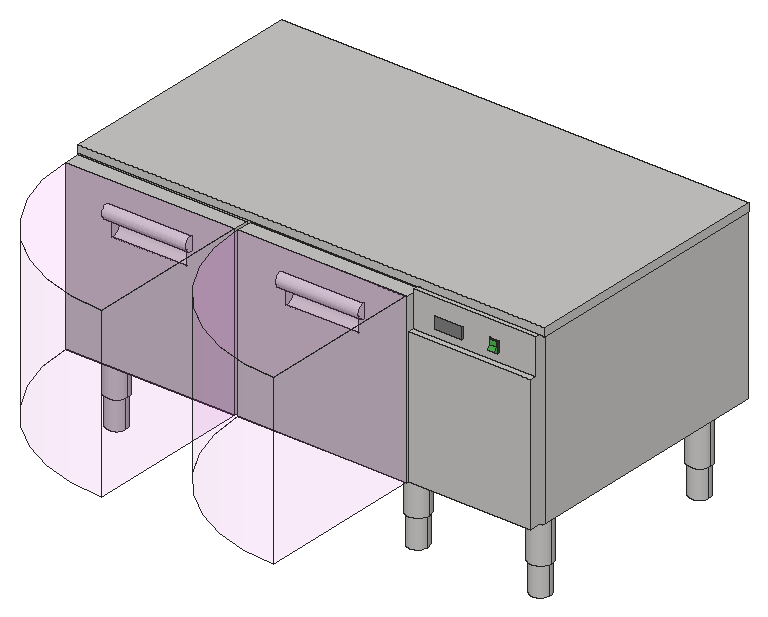
Revit family "QF_ZANUSSI_372291_Z7TTCECOMIN", category Specialty Equipment, Revit 2021
Family settings
  Round Connector Dimension = Use Diameter
  Part Type = Normal
  Work Plane-Based = No
  Always vertical = Yes
  Cut with Voids When Loaded = No
  Shared = No
  Room Calculation Point = No
Parameters (values of type "Standard")
  Weight = 95.00 kg
  Watts = 0 W
  Volts = 220 V
  URL Manufacturer = "http://www.zanussiprofessional.com"
  URL = "http://www.zanussiprofessional.com"
  Steam Supply Size = 0 mm
  Steam Supply Minimum Pressure = 0.0 Pa
  Steam Supply Maximum Pressure = 0.0 Pa
  Steam Pounds per Hour = 0
  Show Clearance [instance] = yes
  Refrigeration Suction Line Size = 0 mm
  Refrigeration Liquid Line Size = 0 mm
  Refrigerant Compressor Remote = yes
  Manufacturer = "Zanussi"
  Phase = 1
  Model = "Z7TTCECOMIN"
  Length Actual = 1200 mm
  Item Number = "372291"
  Hot Water Size = 0 mm
  Height Actual = 600 mm
  HP = "0.5 HP"
  Gas Size = 0 mm
  Gas KW = 0
  Gas Input Pressure = 0 W
  Direct Waste Size = 0 mm
  Description = "REFRIGERATED BASE WITH 2 DOORS 1200MM - R290"
  Depth Actual = 700 mm
  Default Elevation = 0 mm
  Cycle = 50 Hz
  Condensate Return Size = 0 mm
  Compressed Air Volume = 0.0 L/s
  Compressed Air Size = 0 mm
  Compressed Air Pressure = 0.0 Pa
  Cold Water Size = 0 mm
  Accessory = no
Reference planes
  plane 1 "Center X": y = -65.55
  plane 2: z = 0
  plane 3 "Centro (Sinistra/Destra)": x = 0
  plane 4: y = -315.05
  plane 5: y = 194.95
  plane 6 "BACK": y = 282.95
  plane 7 "FRONT": y = -414.05
  plane 8: y = -881.83
  plane 9: x = -544
  plane 10: x = 544
  plane 11: y = -369.551
  plane 12: x = 230
  plane 13: z = 200
  plane 14 "TOP": z = 630
  plane 15 "LEFT": x = -600
  plane 16 "RIGHT": x = 600
Forms (mm)
  Extrusion 1, solid, material "QF_Finishes_Stainless Steel"
    sketch origin (-1022.223, -1524, 200) x (-1, 0, 0) y (0, -1, 0)
      loop
        line (-423.223, -1806.95) -> (-423.223, -1154.449) -> (-1621.223, -1154.449) -> (-1621.223, -1806.95) -> (-423.223, -1806.95)
    from 0 to 430
  Extrusion 2, solid, material "QF_Finishes_Stainless Steel"
    sketch origin (599, 0, 0) x (0, 1, 0) y (0, 0, 1)
      loop
        line (-369.551, 629.527) -> (-386.314, 640.994) -> (-397.65, 640.994) -> (-397.65, 549.796) -> (-414.05, 549.796) -> (-414.05, 204.796) -> (-384.714, 204.796) -> (-374.993, 200) -> (-369.551, 200) -> (-369.551, 629.527)
    from 0 to -313
  Extrusion 3, solid, material "QF_Finishes_Black"
    sketch origin (567.8, -397.65, 630.994) x (0, 0, -1) y (1, 0, 0)
      loop
        line (32.198, -86.899) -> (61.199, -86.899) -> (61.199, -64.9) -> (32.198, -64.9) -> (32.198, -86.899)
    from 0 to 1.6
  Extrusion 4, solid, material "QF_Finishes_Grey"
    sketch origin (589, -397.65, 630.994) x (0, 0, -1) y (1, 0, 0)
      loop
        line (32.198, -248.099) -> (61.199, -248.099) -> (61.199, -178.099) -> (32.198, -178.099) -> (32.198, -248.099)
    from 0 to 1.6
  Extrusion 5, solid, material "QF_Finishes_Green"
    sketch origin (502.9, -397.65, 598.796) x (0, 0, -1) y (0, 1, 0)
      loop
        line (2.279, -3.281) -> (14.5, -3.281) -> (25.308, -8.985)
        arc (25.308, -8.985) -> (26.537, -5.394) -> (26.605, -1.6) r 12.221
        line (26.605, -1.6) -> (2.395, -1.6)
        arc (2.395, -1.6) -> (2.308, -2.439) -> (2.279, -3.281) r 12.221
    from -20 to -2
  Extrusion 6, solid, material "QF_Finishes_Stainless Steel"
    sketch origin (-1022.223, -1524, 200) x (-1, 0, 0) y (0, -1, 0)
      loop
        circle (-1581.223, -1646.95) r 12
    from -10 to 0
  Extrusion 7, solid, material "QF_Finishes_Stainless Steel"
    sketch origin (-599, 0, -5) x (0, 1, 0) y (0, 0, 1)
      loop
        line (-369.551, 635) -> (282.95, 635) -> (282.95, 655) -> (-369.551, 655) -> (-369.551, 635)
    from 1198 to 0
  Extrusion 8, solid, material "QF_Finishes_Handrails and Railings"
    sketch origin (-394.028, -157.946, 1924.198) x (0, 0.885087, 0.465426) y (0, -0.465426, 0.885087)
      loop
        arc (-854.629, -1074.965) -> (-878.641, -1082.427) -> (-871.18, -1106.439) r 17.78
        line (-871.18, -1106.439) -> (-854.629, -1074.965)
    from -93.472 to 121.528
  Extrusion 9, solid, material "QF_Finishes_Stainless Steel"
    sketch origin (-594.053, 285.95, 14.715) x (0, 1, 0) y (0, 0, 1)
      loop
        line (-700, 486.991) -> (-660.001, 486.991) -> (-660.001, 530.285) -> (-678.147, 530.285) -> (-678.147, 511.464)
        arc (-678.147, 511.464) -> (-684.405, 495.059) -> (-700, 486.991) r 24.63
    from 118.753 to 309.354
  Extrusion 10, solid, material "QF_Finishes_Handrails and Railings"
    sketch origin (47.972, -157.946, 1924.198) x (0, 0.885087, 0.465426) y (0, -0.465426, 0.885087)
      loop
        arc (-854.629, -1074.965) -> (-878.641, -1082.427) -> (-871.18, -1106.439) r 17.78
        line (-871.18, -1106.439) -> (-854.629, -1074.965)
    from -89.472 to 121.528
  Extrusion 11, solid, material "QF_Finishes_Stainless Steel"
    sketch origin (-152.053, 285.95, 14.715) x (0, 1, 0) y (0, 0, 1)
      loop
        line (-700, 486.991) -> (-660.001, 486.991) -> (-660.001, 530.285) -> (-678.147, 530.285) -> (-678.147, 511.464)
        arc (-678.147, 511.464) -> (-684.405, 495.059) -> (-700, 486.991) r 24.63
    from 122.753 to 309.354
  Extrusion 12, solid, material "QF_Door-Drawer Clearances", visible <- "Show Clearance"
    sketch origin (-953, 437.3, 650) x (0, -1, 0) y (1, 0, 0)
      loop
        line (851.35, 1234) -> (851.35, 800)
        arc (851.35, 800) -> (1154.832, 928.644) -> (1278.963, 1234) r 431.526
        line (1278.963, 1234) -> (851.35, 1234)
      loop
        line (851.35, 792) -> (851.35, 358)
        arc (851.35, 358) -> (1154.832, 486.644) -> (1278.963, 792) r 431.526
        line (1278.963, 792) -> (851.35, 792)
    from -450 to -20
  Extrusion 13, solid, material "QF_Finishes_Stainless Steel"
    sketch origin (0, -414.05, 0) x (-1, 0, 0) y (0, 0, 1)
      loop
        line (595, 629.2) -> (160.999, 629.2) -> (160.999, 201.587) -> (595, 201.587) -> (595, 629.2)
      loop
        line (153, 629.2) -> (-281, 629.2) -> (-281, 201.587) -> (153, 201.587) -> (153, 629.2)
      loop
        line (475.3, 501.706) -> (475.3, 545) -> (284.699, 545) -> (284.699, 501.706) -> (475.3, 501.706)
      loop
        line (29.3, 501.706) -> (29.3, 545) -> (-157.301, 545) -> (-157.301, 501.706) -> (29.3, 501.706)
    from 0 to 40
  Extrusion 14, solid, material "QF_Finishes_Stainless Steel"
    sketch origin (-1232.223, -1524, 200) x (-1, 0, 0) y (0, -1, 0)
      loop
        circle (-1075.223, -1586.95) r 12
    from -10 to 0
Lines and regions (mm)
  Split face 1
    outline origin (589, -399.25, 630.994) x (0, 0, -1) y (1, 0, 0)
      loop
        line (37.198, -238.099) -> (52.198, -238.099) -> (52.198, -188.099) -> (37.198, -188.099) -> (37.198, -238.099)
  Split face 2
    outline origin (589, -399.25, 630.994) x (0, 0, -1) y (1, 0, 0)
      loop
        line (59.151, -238.099) -> (59.151, -227.099) -> (54.151, -227.099) -> (54.151, -238.099) -> (59.151, -238.099)
  Split face 3
    outline origin (589, -399.25, 630.994) x (0, 0, -1) y (1, 0, 0)
      loop
        line (54.151, -225.099) -> (59.151, -225.099) -> (59.151, -214.099) -> (54.151, -214.099) -> (54.151, -225.099)
  Split face 4
    outline origin (602, -399.25, 630.994) x (0, 0, -1) y (1, 0, 0)
      loop
        line (54.151, -225.099) -> (59.151, -225.099) -> (59.151, -214.099) -> (54.151, -214.099) -> (54.151, -225.099)
  Split face 5
    outline origin (615, -399.25, 630.994) x (0, 0, -1) y (1, 0, 0)
      loop
        line (54.151, -225.099) -> (59.151, -225.099) -> (59.151, -214.099) -> (54.151, -214.099) -> (54.151, -225.099)
  Split face 6
    outline origin (296, -414.05, 713.499) x (1, 0, 0) y (0, 0, 1)
      loop
        arc (52.48, -282.599) -> (56.5, -278.61) -> (52.5, -274.599) r 4
        line (52.5, -274.599) -> (20.5, -274.599)
        arc (20.5, -274.599) -> (16.5, -278.61) -> (20.521, -282.599) r 4
        line (20.521, -282.599) -> (52.48, -282.599)
  Split face 7
    outline origin (296, -414.05, 725.499) x (1, 0, 0) y (0, 0, 1)
      loop
        arc (52.48, -282.599) -> (56.5, -278.61) -> (52.5, -274.599) r 4
        line (52.5, -274.599) -> (20.5, -274.599)
        arc (20.5, -274.599) -> (16.5, -278.61) -> (20.521, -282.599) r 4
        line (20.521, -282.599) -> (52.48, -282.599)
  Split face 8
    outline origin (296, -414.05, 737.499) x (1, 0, 0) y (0, 0, 1)
      loop
        arc (52.48, -282.599) -> (56.5, -278.61) -> (52.5, -274.599) r 4
        line (52.5, -274.599) -> (20.5, -274.599)
        arc (20.5, -274.599) -> (16.5, -278.61) -> (20.521, -282.599) r 4
        line (20.521, -282.599) -> (52.48, -282.599)
  Split face 9
    outline origin (296, -414.05, 749.396) x (1, 0, 0) y (0, 0, 1)
      loop
        arc (52.48, -282.599) -> (56.5, -278.61) -> (52.5, -274.599) r 4
        line (52.5, -274.599) -> (20.5, -274.599)
        arc (20.5, -274.599) -> (16.5, -278.61) -> (20.521, -282.599) r 4
        line (20.521, -282.599) -> (52.48, -282.599)
  Split face 10
    outline origin (296, -414.05, 761.395) x (1, 0, 0) y (0, 0, 1)
      loop
        arc (52.48, -282.599) -> (56.5, -278.61) -> (52.5, -274.599) r 4
        line (52.5, -274.599) -> (20.5, -274.599)
        arc (20.5, -274.599) -> (16.5, -278.61) -> (20.521, -282.599) r 4
        line (20.521, -282.599) -> (52.48, -282.599)
  Split face 11
    outline origin (296, -414.05, 773.395) x (1, 0, 0) y (0, 0, 1)
      loop
        arc (52.48, -282.599) -> (56.5, -278.61) -> (52.5, -274.599) r 4
        line (52.5, -274.599) -> (20.5, -274.599)
        arc (20.5, -274.599) -> (16.5, -278.61) -> (20.521, -282.599) r 4
        line (20.521, -282.599) -> (52.48, -282.599)
  Split face 12
    outline origin (296, -414.05, 785.395) x (1, 0, 0) y (0, 0, 1)
      loop
        arc (52.48, -282.599) -> (56.5, -278.61) -> (52.5, -274.599) r 4
        line (52.5, -274.599) -> (20.5, -274.599)
        arc (20.5, -274.599) -> (16.5, -278.61) -> (20.521, -282.599) r 4
        line (20.521, -282.599) -> (52.48, -282.599)
  Split face 13
    outline origin (296, -414.05, 797.395) x (1, 0, 0) y (0, 0, 1)
      loop
        arc (52.48, -282.599) -> (56.5, -278.61) -> (52.5, -274.599) r 4
        line (52.5, -274.599) -> (20.5, -274.599)
        arc (20.5, -274.599) -> (16.5, -278.61) -> (20.521, -282.599) r 4
        line (20.521, -282.599) -> (52.48, -282.599)
  Split face 14
    outline origin (296, -414.05, 809.395) x (1, 0, 0) y (0, 0, 1)
      loop
        arc (52.48, -282.599) -> (56.5, -278.61) -> (52.5, -274.599) r 4
        line (52.5, -274.599) -> (20.5, -274.599)
        arc (20.5, -274.599) -> (16.5, -278.61) -> (20.521, -282.599) r 4
        line (20.521, -282.599) -> (52.48, -282.599)
  Split face 15
    outline origin (296, -414.05, 701.499) x (1, 0, 0) y (0, 0, 1)
      loop
        arc (52.48, -282.599) -> (56.5, -278.61) -> (52.5, -274.599) r 4
        line (52.5, -274.599) -> (20.5, -274.599)
        arc (20.5, -274.599) -> (16.5, -278.61) -> (20.521, -282.599) r 4
        line (20.521, -282.599) -> (52.48, -282.599)
  Split face 16
    outline origin (296, -414.05, 605.603) x (1, 0, 0) y (0, 0, 1)
      loop
        arc (52.48, -282.599) -> (56.5, -278.61) -> (52.5, -274.599) r 4
        line (52.5, -274.599) -> (20.5, -274.599)
        arc (20.5, -274.599) -> (16.5, -278.61) -> (20.521, -282.599) r 4
        line (20.521, -282.599) -> (52.48, -282.599)
  Split face 17
    outline origin (296, -414.05, 617.603) x (1, 0, 0) y (0, 0, 1)
      loop
        arc (52.48, -282.599) -> (56.5, -278.61) -> (52.5, -274.599) r 4
        line (52.5, -274.599) -> (20.5, -274.599)
        arc (20.5, -274.599) -> (16.5, -278.61) -> (20.521, -282.599) r 4
        line (20.521, -282.599) -> (52.48, -282.599)
  Split face 18
    outline origin (296, -414.05, 629.602) x (1, 0, 0) y (0, 0, 1)
      loop
        arc (52.48, -282.599) -> (56.5, -278.61) -> (52.5, -274.599) r 4
        line (52.5, -274.599) -> (20.5, -274.599)
        arc (20.5, -274.599) -> (16.5, -278.61) -> (20.521, -282.599) r 4
        line (20.521, -282.599) -> (52.48, -282.599)
  Split face 19
    outline origin (296, -414.05, 677.499) x (1, 0, 0) y (0, 0, 1)
      loop
        arc (52.48, -282.599) -> (56.5, -278.61) -> (52.5, -274.599) r 4
        line (52.5, -274.599) -> (20.5, -274.599)
        arc (20.5, -274.599) -> (16.5, -278.61) -> (20.521, -282.599) r 4
        line (20.521, -282.599) -> (52.48, -282.599)
  Split face 20
    outline origin (296, -414.05, 689.499) x (1, 0, 0) y (0, 0, 1)
      loop
        arc (52.48, -282.599) -> (56.5, -278.61) -> (52.5, -274.599) r 4
        line (52.5, -274.599) -> (20.5, -274.599)
        arc (20.5, -274.599) -> (16.5, -278.61) -> (20.521, -282.599) r 4
        line (20.521, -282.599) -> (52.48, -282.599)
  Split face 21
    outline origin (296, -414.05, 593.603) x (1, 0, 0) y (0, 0, 1)
      loop
        arc (52.48, -282.599) -> (56.5, -278.61) -> (52.5, -274.599) r 4
        line (52.5, -274.599) -> (20.5, -274.599)
        arc (20.5, -274.599) -> (16.5, -278.61) -> (20.521, -282.599) r 4
        line (20.521, -282.599) -> (52.48, -282.599)
  Split face 22
    outline origin (296, -414.05, 497.707) x (1, 0, 0) y (0, 0, 1)
      loop
        arc (52.48, -282.599) -> (56.5, -278.61) -> (52.5, -274.599) r 4
        line (52.5, -274.599) -> (20.5, -274.599)
        arc (20.5, -274.599) -> (16.5, -278.61) -> (20.521, -282.599) r 4
        line (20.521, -282.599) -> (52.48, -282.599)
  Split face 23
    outline origin (296, -414.05, 509.707) x (1, 0, 0) y (0, 0, 1)
      loop
        arc (52.48, -282.599) -> (56.5, -278.61) -> (52.5, -274.599) r 4
        line (52.5, -274.599) -> (20.5, -274.599)
        arc (20.5, -274.599) -> (16.5, -278.61) -> (20.521, -282.599) r 4
        line (20.521, -282.599) -> (52.48, -282.599)
  Split face 24
    outline origin (296, -414.05, 521.706) x (1, 0, 0) y (0, 0, 1)
      loop
        arc (52.48, -282.599) -> (56.5, -278.61) -> (52.5, -274.599) r 4
        line (52.5, -274.599) -> (20.5, -274.599)
        arc (20.5, -274.599) -> (16.5, -278.61) -> (20.521, -282.599) r 4
        line (20.521, -282.599) -> (52.48, -282.599)
  Split face 25
    outline origin (296, -414.05, 533.604) x (1, 0, 0) y (0, 0, 1)
      loop
        arc (52.48, -282.599) -> (56.5, -278.61) -> (52.5, -274.599) r 4
        line (52.5, -274.599) -> (20.5, -274.599)
        arc (20.5, -274.599) -> (16.5, -278.61) -> (20.521, -282.599) r 4
        line (20.521, -282.599) -> (52.48, -282.599)
  Split face 26
    outline origin (296, -414.05, 545.603) x (1, 0, 0) y (0, 0, 1)
      loop
        arc (52.48, -282.599) -> (56.5, -278.61) -> (52.5, -274.599) r 4
        line (52.5, -274.599) -> (20.5, -274.599)
        arc (20.5, -274.599) -> (16.5, -278.61) -> (20.521, -282.599) r 4
        line (20.521, -282.599) -> (52.48, -282.599)
  Split face 27
    outline origin (296, -414.05, 557.603) x (1, 0, 0) y (0, 0, 1)
      loop
        arc (52.48, -282.599) -> (56.5, -278.61) -> (52.5, -274.599) r 4
        line (52.5, -274.599) -> (20.5, -274.599)
        arc (20.5, -274.599) -> (16.5, -278.61) -> (20.521, -282.599) r 4
        line (20.521, -282.599) -> (52.48, -282.599)
  Split face 28
    outline origin (296, -414.05, 569.603) x (1, 0, 0) y (0, 0, 1)
      loop
        arc (52.48, -282.599) -> (56.5, -278.61) -> (52.5, -274.599) r 4
        line (52.5, -274.599) -> (20.5, -274.599)
        arc (20.5, -274.599) -> (16.5, -278.61) -> (20.521, -282.599) r 4
        line (20.521, -282.599) -> (52.48, -282.599)
  Split face 29
    outline origin (296, -414.05, 581.603) x (1, 0, 0) y (0, 0, 1)
      loop
        arc (52.48, -282.599) -> (56.5, -278.61) -> (52.5, -274.599) r 4
        line (52.5, -274.599) -> (20.5, -274.599)
        arc (20.5, -274.599) -> (16.5, -278.61) -> (20.521, -282.599) r 4
        line (20.521, -282.599) -> (52.48, -282.599)
  Split face 30
    outline origin (351, -414.05, 713.499) x (1, 0, 0) y (0, 0, 1)
      loop
        arc (52.48, -282.599) -> (56.5, -278.61) -> (52.5, -274.599) r 4
        line (52.5, -274.599) -> (20.5, -274.599)
        arc (20.5, -274.599) -> (16.5, -278.61) -> (20.521, -282.599) r 4
        line (20.521, -282.599) -> (52.48, -282.599)
  Split face 31
    outline origin (351, -414.05, 725.499) x (1, 0, 0) y (0, 0, 1)
      loop
        arc (52.48, -282.599) -> (56.5, -278.61) -> (52.5, -274.599) r 4
        line (52.5, -274.599) -> (20.5, -274.599)
        arc (20.5, -274.599) -> (16.5, -278.61) -> (20.521, -282.599) r 4
        line (20.521, -282.599) -> (52.48, -282.599)
  Split face 32
    outline origin (351, -414.05, 737.499) x (1, 0, 0) y (0, 0, 1)
      loop
        arc (52.48, -282.599) -> (56.5, -278.61) -> (52.5, -274.599) r 4
        line (52.5, -274.599) -> (20.5, -274.599)
        arc (20.5, -274.599) -> (16.5, -278.61) -> (20.521, -282.599) r 4
        line (20.521, -282.599) -> (52.48, -282.599)
  Split face 33
    outline origin (351, -414.05, 749.396) x (1, 0, 0) y (0, 0, 1)
      loop
        arc (52.48, -282.599) -> (56.5, -278.61) -> (52.5, -274.599) r 4
        line (52.5, -274.599) -> (20.5, -274.599)
        arc (20.5, -274.599) -> (16.5, -278.61) -> (20.521, -282.599) r 4
        line (20.521, -282.599) -> (52.48, -282.599)
  Split face 34
    outline origin (351, -414.05, 761.395) x (1, 0, 0) y (0, 0, 1)
      loop
        arc (52.48, -282.599) -> (56.5, -278.61) -> (52.5, -274.599) r 4
        line (52.5, -274.599) -> (20.5, -274.599)
        arc (20.5, -274.599) -> (16.5, -278.61) -> (20.521, -282.599) r 4
        line (20.521, -282.599) -> (52.48, -282.599)
  Split face 35
    outline origin (351, -414.05, 773.395) x (1, 0, 0) y (0, 0, 1)
      loop
        arc (52.48, -282.599) -> (56.5, -278.61) -> (52.5, -274.599) r 4
        line (52.5, -274.599) -> (20.5, -274.599)
        arc (20.5, -274.599) -> (16.5, -278.61) -> (20.521, -282.599) r 4
        line (20.521, -282.599) -> (52.48, -282.599)
  Split face 36
    outline origin (351, -414.05, 785.395) x (1, 0, 0) y (0, 0, 1)
      loop
        arc (52.48, -282.599) -> (56.5, -278.61) -> (52.5, -274.599) r 4
        line (52.5, -274.599) -> (20.5, -274.599)
        arc (20.5, -274.599) -> (16.5, -278.61) -> (20.521, -282.599) r 4
        line (20.521, -282.599) -> (52.48, -282.599)
  Split face 37
    outline origin (351, -414.05, 797.395) x (1, 0, 0) y (0, 0, 1)
      loop
        arc (52.48, -282.599) -> (56.5, -278.61) -> (52.5, -274.599) r 4
        line (52.5, -274.599) -> (20.5, -274.599)
        arc (20.5, -274.599) -> (16.5, -278.61) -> (20.521, -282.599) r 4
        line (20.521, -282.599) -> (52.48, -282.599)
  Split face 38
    outline origin (351, -414.05, 809.395) x (1, 0, 0) y (0, 0, 1)
      loop
        arc (52.48, -282.599) -> (56.5, -278.61) -> (52.5, -274.599) r 4
        line (52.5, -274.599) -> (20.5, -274.599)
        arc (20.5, -274.599) -> (16.5, -278.61) -> (20.521, -282.599) r 4
        line (20.521, -282.599) -> (52.48, -282.599)
  Split face 39
    outline origin (351, -414.05, 701.499) x (1, 0, 0) y (0, 0, 1)
      loop
        arc (52.48, -282.599) -> (56.5, -278.61) -> (52.5, -274.599) r 4
        line (52.5, -274.599) -> (20.5, -274.599)
        arc (20.5, -274.599) -> (16.5, -278.61) -> (20.521, -282.599) r 4
        line (20.521, -282.599) -> (52.48, -282.599)
  Split face 40
    outline origin (351, -414.05, 605.603) x (1, 0, 0) y (0, 0, 1)
      loop
        arc (52.48, -282.599) -> (56.5, -278.61) -> (52.5, -274.599) r 4
        line (52.5, -274.599) -> (20.5, -274.599)
        arc (20.5, -274.599) -> (16.5, -278.61) -> (20.521, -282.599) r 4
        line (20.521, -282.599) -> (52.48, -282.599)
  Split face 41
    outline origin (351, -414.05, 617.603) x (1, 0, 0) y (0, 0, 1)
      loop
        arc (52.48, -282.599) -> (56.5, -278.61) -> (52.5, -274.599) r 4
        line (52.5, -274.599) -> (20.5, -274.599)
        arc (20.5, -274.599) -> (16.5, -278.61) -> (20.521, -282.599) r 4
        line (20.521, -282.599) -> (52.48, -282.599)
  Split face 42
    outline origin (351, -414.05, 629.602) x (1, 0, 0) y (0, 0, 1)
      loop
        arc (52.48, -282.599) -> (56.5, -278.61) -> (52.5, -274.599) r 4
        line (52.5, -274.599) -> (20.5, -274.599)
        arc (20.5, -274.599) -> (16.5, -278.61) -> (20.521, -282.599) r 4
        line (20.521, -282.599) -> (52.48, -282.599)
  Split face 43
    outline origin (351, -414.05, 677.499) x (1, 0, 0) y (0, 0, 1)
      loop
        arc (52.48, -282.599) -> (56.5, -278.61) -> (52.5, -274.599) r 4
        line (52.5, -274.599) -> (20.5, -274.599)
        arc (20.5, -274.599) -> (16.5, -278.61) -> (20.521, -282.599) r 4
        line (20.521, -282.599) -> (52.48, -282.599)
  Split face 44
    outline origin (351, -414.05, 689.499) x (1, 0, 0) y (0, 0, 1)
      loop
        arc (52.48, -282.599) -> (56.5, -278.61) -> (52.5, -274.599) r 4
        line (52.5, -274.599) -> (20.5, -274.599)
        arc (20.5, -274.599) -> (16.5, -278.61) -> (20.521, -282.599) r 4
        line (20.521, -282.599) -> (52.48, -282.599)
  Split face 45
    outline origin (351, -414.05, 593.603) x (1, 0, 0) y (0, 0, 1)
      loop
        arc (52.48, -282.599) -> (56.5, -278.61) -> (52.5, -274.599) r 4
        line (52.5, -274.599) -> (20.5, -274.599)
        arc (20.5, -274.599) -> (16.5, -278.61) -> (20.521, -282.599) r 4
        line (20.521, -282.599) -> (52.48, -282.599)
  Split face 46
    outline origin (351, -414.05, 497.707) x (1, 0, 0) y (0, 0, 1)
      loop
        arc (52.48, -282.599) -> (56.5, -278.61) -> (52.5, -274.599) r 4
        line (52.5, -274.599) -> (20.5, -274.599)
        arc (20.5, -274.599) -> (16.5, -278.61) -> (20.521, -282.599) r 4
        line (20.521, -282.599) -> (52.48, -282.599)
  Split face 47
    outline origin (351, -414.05, 509.707) x (1, 0, 0) y (0, 0, 1)
      loop
        arc (52.48, -282.599) -> (56.5, -278.61) -> (52.5, -274.599) r 4
        line (52.5, -274.599) -> (20.5, -274.599)
        arc (20.5, -274.599) -> (16.5, -278.61) -> (20.521, -282.599) r 4
        line (20.521, -282.599) -> (52.48, -282.599)
  Split face 48
    outline origin (351, -414.05, 521.706) x (1, 0, 0) y (0, 0, 1)
      loop
        arc (52.48, -282.599) -> (56.5, -278.61) -> (52.5, -274.599) r 4
        line (52.5, -274.599) -> (20.5, -274.599)
        arc (20.5, -274.599) -> (16.5, -278.61) -> (20.521, -282.599) r 4
        line (20.521, -282.599) -> (52.48, -282.599)
  Split face 49
    outline origin (351, -414.05, 533.604) x (1, 0, 0) y (0, 0, 1)
      loop
        arc (52.48, -282.599) -> (56.5, -278.61) -> (52.5, -274.599) r 4
        line (52.5, -274.599) -> (20.5, -274.599)
        arc (20.5, -274.599) -> (16.5, -278.61) -> (20.521, -282.599) r 4
        line (20.521, -282.599) -> (52.48, -282.599)
  Split face 50
    outline origin (351, -414.05, 545.603) x (1, 0, 0) y (0, 0, 1)
      loop
        arc (52.48, -282.599) -> (56.5, -278.61) -> (52.5, -274.599) r 4
        line (52.5, -274.599) -> (20.5, -274.599)
        arc (20.5, -274.599) -> (16.5, -278.61) -> (20.521, -282.599) r 4
        line (20.521, -282.599) -> (52.48, -282.599)
  Split face 51
    outline origin (351, -414.05, 557.603) x (1, 0, 0) y (0, 0, 1)
      loop
        arc (52.48, -282.599) -> (56.5, -278.61) -> (52.5, -274.599) r 4
        line (52.5, -274.599) -> (20.5, -274.599)
        arc (20.5, -274.599) -> (16.5, -278.61) -> (20.521, -282.599) r 4
        line (20.521, -282.599) -> (52.48, -282.599)
  Split face 52
    outline origin (351, -414.05, 569.603) x (1, 0, 0) y (0, 0, 1)
      loop
        arc (52.48, -282.599) -> (56.5, -278.61) -> (52.5, -274.599) r 4
        line (52.5, -274.599) -> (20.5, -274.599)
        arc (20.5, -274.599) -> (16.5, -278.61) -> (20.521, -282.599) r 4
        line (20.521, -282.599) -> (52.48, -282.599)
  Split face 53
    outline origin (351, -414.05, 581.603) x (1, 0, 0) y (0, 0, 1)
      loop
        arc (52.48, -282.599) -> (56.5, -278.61) -> (52.5, -274.599) r 4
        line (52.5, -274.599) -> (20.5, -274.599)
        arc (20.5, -274.599) -> (16.5, -278.61) -> (20.521, -282.599) r 4
        line (20.521, -282.599) -> (52.48, -282.599)
  Split face 54
    outline origin (406, -414.05, 713.499) x (1, 0, 0) y (0, 0, 1)
      loop
        arc (52.48, -282.599) -> (56.5, -278.61) -> (52.5, -274.599) r 4
        line (52.5, -274.599) -> (20.5, -274.599)
        arc (20.5, -274.599) -> (16.5, -278.61) -> (20.521, -282.599) r 4
        line (20.521, -282.599) -> (52.48, -282.599)
  Split face 55
    outline origin (406, -414.05, 725.499) x (1, 0, 0) y (0, 0, 1)
      loop
        arc (52.48, -282.599) -> (56.5, -278.61) -> (52.5, -274.599) r 4
        line (52.5, -274.599) -> (20.5, -274.599)
        arc (20.5, -274.599) -> (16.5, -278.61) -> (20.521, -282.599) r 4
        line (20.521, -282.599) -> (52.48, -282.599)
  Split face 56
    outline origin (406, -414.05, 737.499) x (1, 0, 0) y (0, 0, 1)
      loop
        arc (52.48, -282.599) -> (56.5, -278.61) -> (52.5, -274.599) r 4
        line (52.5, -274.599) -> (20.5, -274.599)
        arc (20.5, -274.599) -> (16.5, -278.61) -> (20.521, -282.599) r 4
        line (20.521, -282.599) -> (52.48, -282.599)
  Split face 57
    outline origin (406, -414.05, 749.396) x (1, 0, 0) y (0, 0, 1)
      loop
        arc (52.48, -282.599) -> (56.5, -278.61) -> (52.5, -274.599) r 4
        line (52.5, -274.599) -> (20.5, -274.599)
        arc (20.5, -274.599) -> (16.5, -278.61) -> (20.521, -282.599) r 4
        line (20.521, -282.599) -> (52.48, -282.599)
  Split face 58
    outline origin (406, -414.05, 761.395) x (1, 0, 0) y (0, 0, 1)
      loop
        arc (52.48, -282.599) -> (56.5, -278.61) -> (52.5, -274.599) r 4
        line (52.5, -274.599) -> (20.5, -274.599)
        arc (20.5, -274.599) -> (16.5, -278.61) -> (20.521, -282.599) r 4
        line (20.521, -282.599) -> (52.48, -282.599)
  Split face 59
    outline origin (406, -414.05, 773.395) x (1, 0, 0) y (0, 0, 1)
      loop
        arc (52.48, -282.599) -> (56.5, -278.61) -> (52.5, -274.599) r 4
        line (52.5, -274.599) -> (20.5, -274.599)
        arc (20.5, -274.599) -> (16.5, -278.61) -> (20.521, -282.599) r 4
        line (20.521, -282.599) -> (52.48, -282.599)
  Split face 60
    outline origin (406, -414.05, 785.395) x (1, 0, 0) y (0, 0, 1)
      loop
        arc (52.48, -282.599) -> (56.5, -278.61) -> (52.5, -274.599) r 4
        line (52.5, -274.599) -> (20.5, -274.599)
        arc (20.5, -274.599) -> (16.5, -278.61) -> (20.521, -282.599) r 4
        line (20.521, -282.599) -> (52.48, -282.599)
  Split face 61
    outline origin (406, -414.05, 797.395) x (1, 0, 0) y (0, 0, 1)
      loop
        arc (52.48, -282.599) -> (56.5, -278.61) -> (52.5, -274.599) r 4
        line (52.5, -274.599) -> (20.5, -274.599)
        arc (20.5, -274.599) -> (16.5, -278.61) -> (20.521, -282.599) r 4
        line (20.521, -282.599) -> (52.48, -282.599)
  Split face 62
    outline origin (406, -414.05, 809.395) x (1, 0, 0) y (0, 0, 1)
      loop
        arc (52.48, -282.599) -> (56.5, -278.61) -> (52.5, -274.599) r 4
        line (52.5, -274.599) -> (20.5, -274.599)
        arc (20.5, -274.599) -> (16.5, -278.61) -> (20.521, -282.599) r 4
        line (20.521, -282.599) -> (52.48, -282.599)
  Split face 63
    outline origin (406, -414.05, 701.499) x (1, 0, 0) y (0, 0, 1)
      loop
        arc (52.48, -282.599) -> (56.5, -278.61) -> (52.5, -274.599) r 4
        line (52.5, -274.599) -> (20.5, -274.599)
        arc (20.5, -274.599) -> (16.5, -278.61) -> (20.521, -282.599) r 4
        line (20.521, -282.599) -> (52.48, -282.599)
  Split face 64
    outline origin (406, -414.05, 605.603) x (1, 0, 0) y (0, 0, 1)
      loop
        arc (52.48, -282.599) -> (56.5, -278.61) -> (52.5, -274.599) r 4
        line (52.5, -274.599) -> (20.5, -274.599)
        arc (20.5, -274.599) -> (16.5, -278.61) -> (20.521, -282.599) r 4
        line (20.521, -282.599) -> (52.48, -282.599)
  Split face 65
    outline origin (406, -414.05, 617.603) x (1, 0, 0) y (0, 0, 1)
      loop
        arc (52.48, -282.599) -> (56.5, -278.61) -> (52.5, -274.599) r 4
        line (52.5, -274.599) -> (20.5, -274.599)
        arc (20.5, -274.599) -> (16.5, -278.61) -> (20.521, -282.599) r 4
        line (20.521, -282.599) -> (52.48, -282.599)
  Split face 66
    outline origin (406, -414.05, 629.602) x (1, 0, 0) y (0, 0, 1)
      loop
        arc (52.48, -282.599) -> (56.5, -278.61) -> (52.5, -274.599) r 4
        line (52.5, -274.599) -> (20.5, -274.599)
        arc (20.5, -274.599) -> (16.5, -278.61) -> (20.521, -282.599) r 4
        line (20.521, -282.599) -> (52.48, -282.599)
  Split face 67
    outline origin (406, -414.05, 677.499) x (1, 0, 0) y (0, 0, 1)
      loop
        arc (52.48, -282.599) -> (56.5, -278.61) -> (52.5, -274.599) r 4
        line (52.5, -274.599) -> (20.5, -274.599)
        arc (20.5, -274.599) -> (16.5, -278.61) -> (20.521, -282.599) r 4
        line (20.521, -282.599) -> (52.48, -282.599)
  Split face 68
    outline origin (406, -414.05, 689.499) x (1, 0, 0) y (0, 0, 1)
      loop
        arc (52.48, -282.599) -> (56.5, -278.61) -> (52.5, -274.599) r 4
        line (52.5, -274.599) -> (20.5, -274.599)
        arc (20.5, -274.599) -> (16.5, -278.61) -> (20.521, -282.599) r 4
        line (20.521, -282.599) -> (52.48, -282.599)
  Split face 69
    outline origin (406, -414.05, 593.603) x (1, 0, 0) y (0, 0, 1)
      loop
        arc (52.48, -282.599) -> (56.5, -278.61) -> (52.5, -274.599) r 4
        line (52.5, -274.599) -> (20.5, -274.599)
        arc (20.5, -274.599) -> (16.5, -278.61) -> (20.521, -282.599) r 4
        line (20.521, -282.599) -> (52.48, -282.599)
  Split face 70
    outline origin (406, -414.05, 497.707) x (1, 0, 0) y (0, 0, 1)
      loop
        arc (52.48, -282.599) -> (56.5, -278.61) -> (52.5, -274.599) r 4
        line (52.5, -274.599) -> (20.5, -274.599)
        arc (20.5, -274.599) -> (16.5, -278.61) -> (20.521, -282.599) r 4
        line (20.521, -282.599) -> (52.48, -282.599)
  Split face 71
    outline origin (406, -414.05, 509.707) x (1, 0, 0) y (0, 0, 1)
      loop
        arc (52.48, -282.599) -> (56.5, -278.61) -> (52.5, -274.599) r 4
        line (52.5, -274.599) -> (20.5, -274.599)
        arc (20.5, -274.599) -> (16.5, -278.61) -> (20.521, -282.599) r 4
        line (20.521, -282.599) -> (52.48, -282.599)
  Split face 72
    outline origin (406, -414.05, 521.706) x (1, 0, 0) y (0, 0, 1)
      loop
        arc (52.48, -282.599) -> (56.5, -278.61) -> (52.5, -274.599) r 4
        line (52.5, -274.599) -> (20.5, -274.599)
        arc (20.5, -274.599) -> (16.5, -278.61) -> (20.521, -282.599) r 4
        line (20.521, -282.599) -> (52.48, -282.599)
  Split face 73
    outline origin (406, -414.05, 533.604) x (1, 0, 0) y (0, 0, 1)
      loop
        arc (52.48, -282.599) -> (56.5, -278.61) -> (52.5, -274.599) r 4
        line (52.5, -274.599) -> (20.5, -274.599)
        arc (20.5, -274.599) -> (16.5, -278.61) -> (20.521, -282.599) r 4
        line (20.521, -282.599) -> (52.48, -282.599)
  Split face 74
    outline origin (406, -414.05, 545.603) x (1, 0, 0) y (0, 0, 1)
      loop
        arc (52.48, -282.599) -> (56.5, -278.61) -> (52.5, -274.599) r 4
        line (52.5, -274.599) -> (20.5, -274.599)
        arc (20.5, -274.599) -> (16.5, -278.61) -> (20.521, -282.599) r 4
        line (20.521, -282.599) -> (52.48, -282.599)
  Split face 75
    outline origin (406, -414.05, 557.603) x (1, 0, 0) y (0, 0, 1)
      loop
        arc (52.48, -282.599) -> (56.5, -278.61) -> (52.5, -274.599) r 4
        line (52.5, -274.599) -> (20.5, -274.599)
        arc (20.5, -274.599) -> (16.5, -278.61) -> (20.521, -282.599) r 4
        line (20.521, -282.599) -> (52.48, -282.599)
  Split face 76
    outline origin (406, -414.05, 569.603) x (1, 0, 0) y (0, 0, 1)
      loop
        arc (52.48, -282.599) -> (56.5, -278.61) -> (52.5, -274.599) r 4
        line (52.5, -274.599) -> (20.5, -274.599)
        arc (20.5, -274.599) -> (16.5, -278.61) -> (20.521, -282.599) r 4
        line (20.521, -282.599) -> (52.48, -282.599)
  Split face 77
    outline origin (406, -414.05, 581.603) x (1, 0, 0) y (0, 0, 1)
      loop
        arc (52.48, -282.599) -> (56.5, -278.61) -> (52.5, -274.599) r 4
        line (52.5, -274.599) -> (20.5, -274.599)
        arc (20.5, -274.599) -> (16.5, -278.61) -> (20.521, -282.599) r 4
        line (20.521, -282.599) -> (52.48, -282.599)
  Split face 78
    outline origin (461, -414.05, 713.499) x (1, 0, 0) y (0, 0, 1)
      loop
        arc (52.48, -282.599) -> (56.5, -278.61) -> (52.5, -274.599) r 4
        line (52.5, -274.599) -> (20.5, -274.599)
        arc (20.5, -274.599) -> (16.5, -278.61) -> (20.521, -282.599) r 4
        line (20.521, -282.599) -> (52.48, -282.599)
  Split face 79
    outline origin (461, -414.05, 725.499) x (1, 0, 0) y (0, 0, 1)
      loop
        arc (52.48, -282.599) -> (56.5, -278.61) -> (52.5, -274.599) r 4
        line (52.5, -274.599) -> (20.5, -274.599)
        arc (20.5, -274.599) -> (16.5, -278.61) -> (20.521, -282.599) r 4
        line (20.521, -282.599) -> (52.48, -282.599)
  Split face 80
    outline origin (461, -414.05, 737.499) x (1, 0, 0) y (0, 0, 1)
      loop
        arc (52.48, -282.599) -> (56.5, -278.61) -> (52.5, -274.599) r 4
        line (52.5, -274.599) -> (20.5, -274.599)
        arc (20.5, -274.599) -> (16.5, -278.61) -> (20.521, -282.599) r 4
        line (20.521, -282.599) -> (52.48, -282.599)
  Split face 81
    outline origin (461, -414.05, 749.396) x (1, 0, 0) y (0, 0, 1)
      loop
        arc (52.48, -282.599) -> (56.5, -278.61) -> (52.5, -274.599) r 4
        line (52.5, -274.599) -> (20.5, -274.599)
        arc (20.5, -274.599) -> (16.5, -278.61) -> (20.521, -282.599) r 4
        line (20.521, -282.599) -> (52.48, -282.599)
  Split face 82
    outline origin (461, -414.05, 761.395) x (1, 0, 0) y (0, 0, 1)
      loop
        arc (52.48, -282.599) -> (56.5, -278.61) -> (52.5, -274.599) r 4
        line (52.5, -274.599) -> (20.5, -274.599)
        arc (20.5, -274.599) -> (16.5, -278.61) -> (20.521, -282.599) r 4
        line (20.521, -282.599) -> (52.48, -282.599)
  Split face 83
    outline origin (461, -414.05, 773.395) x (1, 0, 0) y (0, 0, 1)
      loop
        arc (52.48, -282.599) -> (56.5, -278.61) -> (52.5, -274.599) r 4
        line (52.5, -274.599) -> (20.5, -274.599)
        arc (20.5, -274.599) -> (16.5, -278.61) -> (20.521, -282.599) r 4
        line (20.521, -282.599) -> (52.48, -282.599)
  Split face 84
    outline origin (461, -414.05, 785.395) x (1, 0, 0) y (0, 0, 1)
      loop
        arc (52.48, -282.599) -> (56.5, -278.61) -> (52.5, -274.599) r 4
        line (52.5, -274.599) -> (20.5, -274.599)
        arc (20.5, -274.599) -> (16.5, -278.61) -> (20.521, -282.599) r 4
        line (20.521, -282.599) -> (52.48, -282.599)
  Split face 85
    outline origin (461, -414.05, 797.395) x (1, 0, 0) y (0, 0, 1)
      loop
        arc (52.48, -282.599) -> (56.5, -278.61) -> (52.5, -274.599) r 4
        line (52.5, -274.599) -> (20.5, -274.599)
        arc (20.5, -274.599) -> (16.5, -278.61) -> (20.521, -282.599) r 4
        line (20.521, -282.599) -> (52.48, -282.599)
  Split face 86
    outline origin (461, -414.05, 809.395) x (1, 0, 0) y (0, 0, 1)
      loop
        arc (52.48, -282.599) -> (56.5, -278.61) -> (52.5, -274.599) r 4
        line (52.5, -274.599) -> (20.5, -274.599)
        arc (20.5, -274.599) -> (16.5, -278.61) -> (20.521, -282.599) r 4
        line (20.521, -282.599) -> (52.48, -282.599)
  Split face 87
    outline origin (461, -414.05, 701.499) x (1, 0, 0) y (0, 0, 1)
      loop
        arc (52.48, -282.599) -> (56.5, -278.61) -> (52.5, -274.599) r 4
        line (52.5, -274.599) -> (20.5, -274.599)
        arc (20.5, -274.599) -> (16.5, -278.61) -> (20.521, -282.599) r 4
        line (20.521, -282.599) -> (52.48, -282.599)
  Split face 88
    outline origin (461, -414.05, 605.603) x (1, 0, 0) y (0, 0, 1)
      loop
        arc (52.48, -282.599) -> (56.5, -278.61) -> (52.5, -274.599) r 4
        line (52.5, -274.599) -> (20.5, -274.599)
        arc (20.5, -274.599) -> (16.5, -278.61) -> (20.521, -282.599) r 4
        line (20.521, -282.599) -> (52.48, -282.599)
  Split face 89
    outline origin (461, -414.05, 617.603) x (1, 0, 0) y (0, 0, 1)
      loop
        arc (52.48, -282.599) -> (56.5, -278.61) -> (52.5, -274.599) r 4
        line (52.5, -274.599) -> (20.5, -274.599)
        arc (20.5, -274.599) -> (16.5, -278.61) -> (20.521, -282.599) r 4
        line (20.521, -282.599) -> (52.48, -282.599)
  Split face 90
    outline origin (461, -414.05, 629.602) x (1, 0, 0) y (0, 0, 1)
      loop
        arc (52.48, -282.599) -> (56.5, -278.61) -> (52.5, -274.599) r 4
        line (52.5, -274.599) -> (20.5, -274.599)
        arc (20.5, -274.599) -> (16.5, -278.61) -> (20.521, -282.599) r 4
        line (20.521, -282.599) -> (52.48, -282.599)
  Split face 91
    outline origin (461, -414.05, 677.499) x (1, 0, 0) y (0, 0, 1)
      loop
        arc (52.48, -282.599) -> (56.5, -278.61) -> (52.5, -274.599) r 4
        line (52.5, -274.599) -> (20.5, -274.599)
        arc (20.5, -274.599) -> (16.5, -278.61) -> (20.521, -282.599) r 4
        line (20.521, -282.599) -> (52.48, -282.599)
  Split face 92
    outline origin (461, -414.05, 689.499) x (1, 0, 0) y (0, 0, 1)
      loop
        arc (52.48, -282.599) -> (56.5, -278.61) -> (52.5, -274.599) r 4
        line (52.5, -274.599) -> (20.5, -274.599)
        arc (20.5, -274.599) -> (16.5, -278.61) -> (20.521, -282.599) r 4
        line (20.521, -282.599) -> (52.48, -282.599)
  Split face 93
    outline origin (461, -414.05, 593.603) x (1, 0, 0) y (0, 0, 1)
      loop
        arc (52.48, -282.599) -> (56.5, -278.61) -> (52.5, -274.599) r 4
        line (52.5, -274.599) -> (20.5, -274.599)
        arc (20.5, -274.599) -> (16.5, -278.61) -> (20.521, -282.599) r 4
        line (20.521, -282.599) -> (52.48, -282.599)
  Split face 94
    outline origin (461, -414.05, 497.707) x (1, 0, 0) y (0, 0, 1)
      loop
        arc (52.48, -282.599) -> (56.5, -278.61) -> (52.5, -274.599) r 4
        line (52.5, -274.599) -> (20.5, -274.599)
        arc (20.5, -274.599) -> (16.5, -278.61) -> (20.521, -282.599) r 4
        line (20.521, -282.599) -> (52.48, -282.599)
  Split face 95
    outline origin (461, -414.05, 509.707) x (1, 0, 0) y (0, 0, 1)
      loop
        arc (52.48, -282.599) -> (56.5, -278.61) -> (52.5, -274.599) r 4
        line (52.5, -274.599) -> (20.5, -274.599)
        arc (20.5, -274.599) -> (16.5, -278.61) -> (20.521, -282.599) r 4
        line (20.521, -282.599) -> (52.48, -282.599)
  Split face 96
    outline origin (461, -414.05, 521.706) x (1, 0, 0) y (0, 0, 1)
      loop
        arc (52.48, -282.599) -> (56.5, -278.61) -> (52.5, -274.599) r 4
        line (52.5, -274.599) -> (20.5, -274.599)
        arc (20.5, -274.599) -> (16.5, -278.61) -> (20.521, -282.599) r 4
        line (20.521, -282.599) -> (52.48, -282.599)
  Split face 97
    outline origin (461, -414.05, 533.604) x (1, 0, 0) y (0, 0, 1)
      loop
        arc (52.48, -282.599) -> (56.5, -278.61) -> (52.5, -274.599) r 4
        line (52.5, -274.599) -> (20.5, -274.599)
        arc (20.5, -274.599) -> (16.5, -278.61) -> (20.521, -282.599) r 4
        line (20.521, -282.599) -> (52.48, -282.599)
  Split face 98
    outline origin (461, -414.05, 545.603) x (1, 0, 0) y (0, 0, 1)
      loop
        arc (52.48, -282.599) -> (56.5, -278.61) -> (52.5, -274.599) r 4
        line (52.5, -274.599) -> (20.5, -274.599)
        arc (20.5, -274.599) -> (16.5, -278.61) -> (20.521, -282.599) r 4
        line (20.521, -282.599) -> (52.48, -282.599)
  Split face 99
    outline origin (461, -414.05, 557.603) x (1, 0, 0) y (0, 0, 1)
      loop
        arc (52.48, -282.599) -> (56.5, -278.61) -> (52.5, -274.599) r 4
        line (52.5, -274.599) -> (20.5, -274.599)
        arc (20.5, -274.599) -> (16.5, -278.61) -> (20.521, -282.599) r 4
        line (20.521, -282.599) -> (52.48, -282.599)
  Split face 100
    outline origin (461, -414.05, 569.603) x (1, 0, 0) y (0, 0, 1)
      loop
        arc (52.48, -282.599) -> (56.5, -278.61) -> (52.5, -274.599) r 4
        line (52.5, -274.599) -> (20.5, -274.599)
        arc (20.5, -274.599) -> (16.5, -278.61) -> (20.521, -282.599) r 4
        line (20.521, -282.599) -> (52.48, -282.599)
  Split face 101
    outline origin (461, -414.05, 581.603) x (1, 0, 0) y (0, 0, 1)
      loop
        arc (52.48, -282.599) -> (56.5, -278.61) -> (52.5, -274.599) r 4
        line (52.5, -274.599) -> (20.5, -274.599)
        arc (20.5, -274.599) -> (16.5, -278.61) -> (20.521, -282.599) r 4
        line (20.521, -282.599) -> (52.48, -282.599)
  Split face 102
    outline origin (516, -414.05, 713.499) x (1, 0, 0) y (0, 0, 1)
      loop
        arc (52.48, -282.599) -> (56.5, -278.61) -> (52.5, -274.599) r 4
        line (52.5, -274.599) -> (20.5, -274.599)
        arc (20.5, -274.599) -> (16.5, -278.61) -> (20.521, -282.599) r 4
        line (20.521, -282.599) -> (52.48, -282.599)
  Split face 103
    outline origin (516, -414.05, 725.499) x (1, 0, 0) y (0, 0, 1)
      loop
        arc (52.48, -282.599) -> (56.5, -278.61) -> (52.5, -274.599) r 4
        line (52.5, -274.599) -> (20.5, -274.599)
        arc (20.5, -274.599) -> (16.5, -278.61) -> (20.521, -282.599) r 4
        line (20.521, -282.599) -> (52.48, -282.599)
  Split face 104
    outline origin (516, -414.05, 737.499) x (1, 0, 0) y (0, 0, 1)
      loop
        arc (52.48, -282.599) -> (56.5, -278.61) -> (52.5, -274.599) r 4
        line (52.5, -274.599) -> (20.5, -274.599)
        arc (20.5, -274.599) -> (16.5, -278.61) -> (20.521, -282.599) r 4
        line (20.521, -282.599) -> (52.48, -282.599)
  Split face 105
    outline origin (516, -414.05, 749.396) x (1, 0, 0) y (0, 0, 1)
      loop
        arc (52.48, -282.599) -> (56.5, -278.61) -> (52.5, -274.599) r 4
        line (52.5, -274.599) -> (20.5, -274.599)
        arc (20.5, -274.599) -> (16.5, -278.61) -> (20.521, -282.599) r 4
        line (20.521, -282.599) -> (52.48, -282.599)
  Split face 106
    outline origin (516, -414.05, 761.395) x (1, 0, 0) y (0, 0, 1)
      loop
        arc (52.48, -282.599) -> (56.5, -278.61) -> (52.5, -274.599) r 4
        line (52.5, -274.599) -> (20.5, -274.599)
        arc (20.5, -274.599) -> (16.5, -278.61) -> (20.521, -282.599) r 4
        line (20.521, -282.599) -> (52.48, -282.599)
  Split face 107
    outline origin (516, -414.05, 773.395) x (1, 0, 0) y (0, 0, 1)
      loop
        arc (52.48, -282.599) -> (56.5, -278.61) -> (52.5, -274.599) r 4
        line (52.5, -274.599) -> (20.5, -274.599)
        arc (20.5, -274.599) -> (16.5, -278.61) -> (20.521, -282.599) r 4
        line (20.521, -282.599) -> (52.48, -282.599)
  Split face 108
    outline origin (516, -414.05, 785.395) x (1, 0, 0) y (0, 0, 1)
      loop
        arc (52.48, -282.599) -> (56.5, -278.61) -> (52.5, -274.599) r 4
        line (52.5, -274.599) -> (20.5, -274.599)
        arc (20.5, -274.599) -> (16.5, -278.61) -> (20.521, -282.599) r 4
        line (20.521, -282.599) -> (52.48, -282.599)
  Split face 109
    outline origin (516, -414.05, 797.395) x (1, 0, 0) y (0, 0, 1)
      loop
        arc (52.48, -282.599) -> (56.5, -278.61) -> (52.5, -274.599) r 4
        line (52.5, -274.599) -> (20.5, -274.599)
        arc (20.5, -274.599) -> (16.5, -278.61) -> (20.521, -282.599) r 4
        line (20.521, -282.599) -> (52.48, -282.599)
  Split face 110
    outline origin (516, -414.05, 809.395) x (1, 0, 0) y (0, 0, 1)
      loop
        arc (52.48, -282.599) -> (56.5, -278.61) -> (52.5, -274.599) r 4
        line (52.5, -274.599) -> (20.5, -274.599)
        arc (20.5, -274.599) -> (16.5, -278.61) -> (20.521, -282.599) r 4
        line (20.521, -282.599) -> (52.48, -282.599)
  Split face 111
    outline origin (516, -414.05, 701.499) x (1, 0, 0) y (0, 0, 1)
      loop
        arc (52.48, -282.599) -> (56.5, -278.61) -> (52.5, -274.599) r 4
        line (52.5, -274.599) -> (20.5, -274.599)
        arc (20.5, -274.599) -> (16.5, -278.61) -> (20.521, -282.599) r 4
        line (20.521, -282.599) -> (52.48, -282.599)
  Split face 112
    outline origin (516, -414.05, 605.603) x (1, 0, 0) y (0, 0, 1)
      loop
        arc (52.48, -282.599) -> (56.5, -278.61) -> (52.5, -274.599) r 4
        line (52.5, -274.599) -> (20.5, -274.599)
        arc (20.5, -274.599) -> (16.5, -278.61) -> (20.521, -282.599) r 4
        line (20.521, -282.599) -> (52.48, -282.599)
  Split face 113
    outline origin (516, -414.05, 617.603) x (1, 0, 0) y (0, 0, 1)
      loop
        arc (52.48, -282.599) -> (56.5, -278.61) -> (52.5, -274.599) r 4
        line (52.5, -274.599) -> (20.5, -274.599)
        arc (20.5, -274.599) -> (16.5, -278.61) -> (20.521, -282.599) r 4
        line (20.521, -282.599) -> (52.48, -282.599)
  Split face 114
    outline origin (516, -414.05, 629.602) x (1, 0, 0) y (0, 0, 1)
      loop
        arc (52.48, -282.599) -> (56.5, -278.61) -> (52.5, -274.599) r 4
        line (52.5, -274.599) -> (20.5, -274.599)
        arc (20.5, -274.599) -> (16.5, -278.61) -> (20.521, -282.599) r 4
        line (20.521, -282.599) -> (52.48, -282.599)
  Split face 115
    outline origin (516, -414.05, 677.499) x (1, 0, 0) y (0, 0, 1)
      loop
        arc (52.48, -282.599) -> (56.5, -278.61) -> (52.5, -274.599) r 4
        line (52.5, -274.599) -> (20.5, -274.599)
        arc (20.5, -274.599) -> (16.5, -278.61) -> (20.521, -282.599) r 4
        line (20.521, -282.599) -> (52.48, -282.599)
  Split face 116
    outline origin (516, -414.05, 689.499) x (1, 0, 0) y (0, 0, 1)
      loop
        arc (52.48, -282.599) -> (56.5, -278.61) -> (52.5, -274.599) r 4
        line (52.5, -274.599) -> (20.5, -274.599)
        arc (20.5, -274.599) -> (16.5, -278.61) -> (20.521, -282.599) r 4
        line (20.521, -282.599) -> (52.48, -282.599)
  Split face 117
    outline origin (516, -414.05, 593.603) x (1, 0, 0) y (0, 0, 1)
      loop
        arc (52.48, -282.599) -> (56.5, -278.61) -> (52.5, -274.599) r 4
        line (52.5, -274.599) -> (20.5, -274.599)
        arc (20.5, -274.599) -> (16.5, -278.61) -> (20.521, -282.599) r 4
        line (20.521, -282.599) -> (52.48, -282.599)
  Split face 118
    outline origin (516, -414.05, 497.707) x (1, 0, 0) y (0, 0, 1)
      loop
        arc (52.48, -282.599) -> (56.5, -278.61) -> (52.5, -274.599) r 4
        line (52.5, -274.599) -> (20.5, -274.599)
        arc (20.5, -274.599) -> (16.5, -278.61) -> (20.521, -282.599) r 4
        line (20.521, -282.599) -> (52.48, -282.599)
  Split face 119
    outline origin (516, -414.05, 509.707) x (1, 0, 0) y (0, 0, 1)
      loop
        arc (52.48, -282.599) -> (56.5, -278.61) -> (52.5, -274.599) r 4
        line (52.5, -274.599) -> (20.5, -274.599)
        arc (20.5, -274.599) -> (16.5, -278.61) -> (20.521, -282.599) r 4
        line (20.521, -282.599) -> (52.48, -282.599)
  Split face 120
    outline origin (516, -414.05, 521.706) x (1, 0, 0) y (0, 0, 1)
      loop
        arc (52.48, -282.599) -> (56.5, -278.61) -> (52.5, -274.599) r 4
        line (52.5, -274.599) -> (20.5, -274.599)
        arc (20.5, -274.599) -> (16.5, -278.61) -> (20.521, -282.599) r 4
        line (20.521, -282.599) -> (52.48, -282.599)
  Split face 121
    outline origin (516, -414.05, 533.604) x (1, 0, 0) y (0, 0, 1)
      loop
        arc (52.48, -282.599) -> (56.5, -278.61) -> (52.5, -274.599) r 4
        line (52.5, -274.599) -> (20.5, -274.599)
        arc (20.5, -274.599) -> (16.5, -278.61) -> (20.521, -282.599) r 4
        line (20.521, -282.599) -> (52.48, -282.599)
  Split face 122
    outline origin (516, -414.05, 545.603) x (1, 0, 0) y (0, 0, 1)
      loop
        arc (52.48, -282.599) -> (56.5, -278.61) -> (52.5, -274.599) r 4
        line (52.5, -274.599) -> (20.5, -274.599)
        arc (20.5, -274.599) -> (16.5, -278.61) -> (20.521, -282.599) r 4
        line (20.521, -282.599) -> (52.48, -282.599)
  Split face 123
    outline origin (516, -414.05, 557.603) x (1, 0, 0) y (0, 0, 1)
      loop
        arc (52.48, -282.599) -> (56.5, -278.61) -> (52.5, -274.599) r 4
        line (52.5, -274.599) -> (20.5, -274.599)
        arc (20.5, -274.599) -> (16.5, -278.61) -> (20.521, -282.599) r 4
        line (20.521, -282.599) -> (52.48, -282.599)
  Split face 124
    outline origin (516, -414.05, 569.603) x (1, 0, 0) y (0, 0, 1)
      loop
        arc (52.48, -282.599) -> (56.5, -278.61) -> (52.5, -274.599) r 4
        line (52.5, -274.599) -> (20.5, -274.599)
        arc (20.5, -274.599) -> (16.5, -278.61) -> (20.521, -282.599) r 4
        line (20.521, -282.599) -> (52.48, -282.599)
  Split face 125
    outline origin (516, -414.05, 581.603) x (1, 0, 0) y (0, 0, 1)
      loop
        arc (52.48, -282.599) -> (56.5, -278.61) -> (52.5, -274.599) r 4
        line (52.5, -274.599) -> (20.5, -274.599)
        arc (20.5, -274.599) -> (16.5, -278.61) -> (20.521, -282.599) r 4
        line (20.521, -282.599) -> (52.48, -282.599)
  symbolic lines, style "SpecialityEquipment"
    curve 1: line (-599, -369.551, 630) -> (-599, 282.95, 630)
    curve 2: line (599, 282.95, 630) -> (599, -369.551, 630)
    curve 3: line (599, 282.95, 630) -> (-599, 282.95, 630)
    curve 4: line (-599, -369.551, 630) -> (599, -369.551, 630)
    curve 5: line (599, -369.551, 630) -> (599, -414.05, 630)
    curve 6: line (599, -414.05, 630) -> (286, -414.05, 630)
    curve 7: line (286, -369.551, 630) -> (286, -414.05, 630)
    curve 8: line (286, -397.65, 630) -> (599, -397.65, 630)
    curve 9: line (500.9, -406.635, 630) -> (500.9, -399.25, 630)
    curve 10: line (482.901, -406.635, 630) -> (500.9, -406.635, 630)
    curve 11: line (482.901, -399.25, 630) -> (482.901, -406.635, 630)
    curve 12: line (480.901, -399.25, 630) -> (502.9, -399.25, 630)
    curve 13: line (340.901, -399.25, 630) -> (410.901, -399.25, 630)
    curve 14: line (286, -374.993, 630) -> (599, -374.993, 630)
    curve 15: line (599, -386.314, 630) -> (286, -386.314, 630)
    curve 16: line (-160.999, -374.05, 630) -> (-595, -374.05, 630)
    curve 17: line (281, -414.05, 630) -> (281, -374.05, 630)
    curve 18: line (-153, -374.05, 630) -> (-153, -414.05, 630)
    curve 19: line (-160.999, -414.05, 630) -> (-160.999, -374.05, 630)
    curve 20: line (-41.5, -414.05, 630) -> (-41.5, -431.83, 630)
    curve 21: line (169.5, -431.83, 630) -> (169.5, -414.05, 630)
    curve 22: line (-272.5, -431.83, 630) -> (-272.5, -414.05, 630)
    curve 23: line (-595, -374.05, 630) -> (-595, -414.05, 630)
    curve 24: line (480.901, -397.65, 630) -> (480.901, -399.25, 630)
    curve 25: line (502.9, -397.65, 630) -> (502.9, -399.25, 630)
    curve 26: line (-487.5, -431.83, 630) -> (-272.5, -431.83, 630)
    curve 27: line (-41.5, -431.83, 630) -> (169.5, -431.83, 630)
    curve 28: line (340.901, -399.25, 630) -> (340.901, -397.65, 630)
    curve 29: line (410.901, -399.25, 630) -> (410.901, -397.65, 630)
    curve 35: line (-160.999, -414.05, 630) -> (-595, -414.05, 630)
    curve 36: line (281, -414.05, 630) -> (-153, -414.05, 630)
    curve 37: line (281, -374.05, 630) -> (-153, -374.05, 630)
  symbolic lines
    curve 30: line (-487.5, -431.83, 0) -> (-487.5, -414.05, 0)
  symbolic lines, style "QF_Door-Drawer Clearances"
    curve 31: line (-161, -841.663, 0) -> (-161, -414.05, 0)
    curve 32: arc (-595, -414.05, 0) -> (-466.356, -717.533, 0) -> (-161, -841.663, 0) r 431.526
    curve 33: arc (-153, -414.05, 0) -> (-24.356, -717.533, 0) -> (281, -841.663, 0) r 431.526
    curve 34: line (281, -841.663, 0) -> (281, -414.05, 0)
Dimensions and locks
  plane 6 "BACK" to plane 7 "FRONT" = 697 mm
  equal spacing: plane 6 "BACK", plane 1 "Center X", plane 7 "FRONT"
  plane 13 to level = 200 mm
  plane 14 "TOP" to level = 630 mm
  plane 14 "TOP" to plane 13 = 430 mm
  plane 6 "BACK" to Extrusion 6 sketch curve = 160 mm
  plane 15 "LEFT" to plane 16 "RIGHT" = 1200 mm
  equal spacing: plane 15 "LEFT", plane 3 "Centro (Sinistra/Destra)", plane 16 "RIGHT"
  plane 15 "LEFT" to Extrusion 14 sketch curve = 443 mm
  plane 6 "BACK" to Extrusion 14 sketch curve = 220 mm
  aligned and locked: level to plane 2
Automatic sketch dimensions
  curve 32 to plane 7 "FRONT" = 0 mm
  curve 30 to plane 7 "FRONT" = 0 mm
  curve 31 to plane 7 "FRONT" = 0 mm
  curve 33 to plane 7 "FRONT" = 0 mm
  curve 34 to plane 7 "FRONT" = 0 mm
  plane 7 "FRONT" to curve 32 = 3.906 mm
  curve 32 to plane 3 "Centro (Sinistra/Destra)" = 163.492 mm
  plane 8 to curve 31 = 40.167 mm
  curve 31 to plane 3 "Centro (Sinistra/Destra)" = 161 mm
  plane 7 "FRONT" to curve 33 = 3.906 mm
  plane 12 to curve 33 = 48.508 mm
  plane 12 to curve 34 = 51 mm
  plane 8 to curve 34 = 40.167 mm
  curve 30 to plane 7 "FRONT" = 17.78 mm
  plane 9 to curve 30 = 56.5 mm
  Extrusion 1 sketch curve to plane 6 "BACK" = 0 mm
  Extrusion 1 sketch curve to plane 11 = 0 mm
  Extrusion 1 sketch curve to plane 16 "RIGHT" = 1 mm
  plane 15 "LEFT" to Extrusion 1 sketch curve = 1 mm
  Extrusion 2 sketch curve to plane 7 "FRONT" = 0 mm
  Extrusion 2 sketch curve to plane 13 = 0 mm
  Extrusion 2 sketch curve to plane 11 = 0 mm
  plane 7 "FRONT" to Extrusion 2 sketch curve = 16.4 mm
  Extrusion 2 sketch curve to Extrusion 2 sketch curve = 11.336 mm
  plane 13 to Extrusion 2 sketch curve = 4.796 mm
  Extrusion 2 sketch curve to plane 11 = 15.163 mm
  Extrusion 2 sketch curve to plane 11 = 5.442 mm
  Extrusion 2 sketch curve to plane 14 "TOP" = 80.204 mm
  Extrusion 2 sketch curve to plane 14 "TOP" = 0.473 mm
  plane 14 "TOP" to Extrusion 2 sketch curve = 10.994 mm
  Extrusion 2 to Extrusion 3 sketch curve = 42.198 mm
  Extrusion 3 sketch curve to Extrusion 2 = 20 mm
  Extrusion 2 to Extrusion 3 sketch curve = 118.099 mm
  Extrusion 3 sketch curve to Extrusion 3 sketch curve = 22 mm
  Extrusion 2 to Extrusion 4 sketch curve = 42.198 mm
  Extrusion 4 sketch curve to Extrusion 2 = 20 mm
  Extrusion 2 to Extrusion 4 sketch curve = 54.901 mm
  Extrusion 4 sketch curve to Extrusion 4 sketch curve = 70 mm
  Split face 1 sketch curve to Extrusion 4 = 5 mm
  Split face 1 sketch curve to Extrusion 4 = 9 mm
  Split face 1 sketch curve to Extrusion 4 = 10 mm  (x2)
  Split face 2 sketch curve to Extrusion 4 = 7.047 mm
  Split face 2 sketch curve to Extrusion 4 = 2.047 mm
  Split face 2 sketch curve to Extrusion 4 = 10 mm
  Split face 2 sketch curve to Split face 2 sketch curve = 11 mm
  Split face 3 sketch curve to Extrusion 4 = 7.047 mm
  Split face 3 sketch curve to Extrusion 4 = 2.047 mm
  Split face 3 sketch curve to Extrusion 4 = 23 mm
  Split face 3 sketch curve to Split face 3 sketch curve = 11 mm
  Split face 4 sketch curve to Extrusion 4 = 7.047 mm
  Split face 4 sketch curve to Extrusion 4 = 2.047 mm
  Split face 4 sketch curve to Extrusion 4 = 34 mm
  Split face 4 sketch curve to Split face 4 sketch curve = 11 mm
  Split face 5 sketch curve to Extrusion 4 = 7.047 mm
  Split face 5 sketch curve to Extrusion 4 = 2.047 mm
  Split face 5 sketch curve to Extrusion 4 = 21 mm
  Split face 5 sketch curve to Extrusion 4 = 10 mm
  Extrusion 5 sketch curve to Extrusion 5 sketch curve = 0 mm  (x3)
  Extrusion 5 sketch curve to Extrusion 3 = 0 mm
  Extrusion 3 to Extrusion 5 sketch curve = 2.279 mm
  Extrusion 5 sketch curve to Extrusion 5 sketch curve = 0.116 mm
  Extrusion 5 sketch curve to Extrusion 5 sketch curve = 12.105 mm
  Extrusion 3 to Extrusion 5 sketch curve = 3.692 mm
  Extrusion 3 to Extrusion 5 sketch curve = 2.395 mm
  Split face 6 sketch curve to Extrusion 2 = 30.5 mm
  Split face 6 sketch curve to Split face 6 sketch curve = 0.02 mm  (x2)
  Split face 6 sketch curve to Split face 6 sketch curve = 31.959 mm
  Split face 6 sketch curve to Extrusion 2 = 118.896 mm
  Split face 6 sketch curve to Split face 6 sketch curve = 4 mm
  Split face 7 sketch curve to Extrusion 2 = 30.5 mm
  Split face 7 sketch curve to Split face 7 sketch curve = 0.02 mm  (x2)
  Split face 7 sketch curve to Split face 7 sketch curve = 31.959 mm
  Split face 7 sketch curve to Extrusion 2 = 106.896 mm
  Split face 7 sketch curve to Split face 7 sketch curve = 4 mm
  Split face 8 sketch curve to Extrusion 2 = 30.5 mm
  Split face 8 sketch curve to Split face 8 sketch curve = 0.02 mm  (x2)
  Split face 8 sketch curve to Split face 8 sketch curve = 31.959 mm
  Split face 8 sketch curve to Extrusion 2 = 94.897 mm
  Split face 8 sketch curve to Split face 8 sketch curve = 4 mm
  Split face 9 sketch curve to Extrusion 2 = 30.5 mm
  Split face 9 sketch curve to Split face 9 sketch curve = 0.02 mm  (x2)
